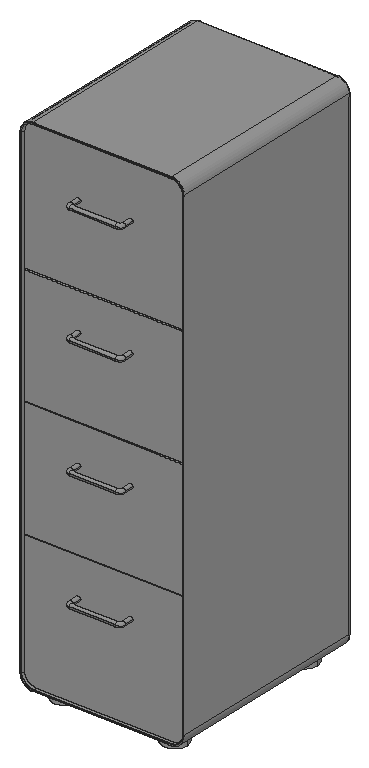
Revit family "Stow, Tall Boy", category Furniture, Revit 2017
Family settings
  OmniClass Number = 23.40.20.00
  OmniClass Title = General Furniture and Specialties
  Work Plane-Based = No
  Always vertical = Yes
  Cut with Voids When Loaded = No
  Shared = No
  Room Calculation Point = No
Parameters
  URL = "http://www.poppin.com"
  Manufacturer = "Poppin, Inc."
  Glides = Glides
  Front Panels + Handles = Front Panels + Handles
  Description = "Stow Tall Boy"
  Copyright = "Copyright © Poppin, Inc."
  Cabinet Body = Cabinet Body
Reference planes (in)
  plane 1 "Center Front/Back": y = 0
  plane 2: z = 0
  plane 3 "Center Left/Right": x = 0
Forms (in)
  Extrusion 1, solid, material "Front Panels + Handles" <- "Front Panels + Handles"
    sketch origin (0, -9.84252, 0) x (1, 0, 0) y (0, 0, 1)
      loop
        line (6.70013, 49.85531) -> (-6.69357, 49.85531)
        arc (-6.69357, 49.85531) -> (-7.35892, 49.57972) -> (-7.63452, 48.91437) r 0.94094
        line (-7.63452, 48.91437) -> (-7.63452, 37.05118) -> (7.64107, 37.05118) -> (7.64107, 48.91437)
        arc (7.64107, 48.91437) -> (7.36548, 49.57972) -> (6.70013, 49.85531) r 0.94094
      loop
        line (-7.65735, 36.93307) -> (-7.65735, 25.58465) -> (7.65761, 25.58465) -> (7.65761, 36.93307) -> (-7.65735, 36.93307)
      loop
        line (-7.65735, 25.46654) -> (-7.65735, 14.11811) -> (7.65761, 14.11811) -> (7.65761, 25.46654) -> (-7.65735, 25.46654)
      loop
        arc (-7.62612, 14) -> (-7.6469, 13.99217) -> (-7.65735, 13.97257) r 0.0315
        line (-7.65735, 13.97257) -> (-7.65735, 2.22047)
        arc (-7.65735, 2.22047) -> (-7.35984, 1.50223) -> (-6.6416, 1.20472) r 1.01575
        line (-6.6416, 1.20472) -> (6.64186, 1.20472)
        arc (6.64186, 1.20472) -> (7.36011, 1.50223) -> (7.65761, 2.22047) r 1.01575
        line (7.65761, 2.22047) -> (7.65761, 13.9685)
        arc (7.65761, 13.9685) -> (7.64839, 13.99078) -> (7.62612, 14) r 0.0315
        line (7.62612, 14) -> (-7.62612, 14)
    from 9.08645 to 9.84252
  Sweep 2, solid, material "Cabinet Body" <- "Cabinet Body"
    path origin (0, 169.46858, 0) x (1, 0, 0) y (0, 0, 1)
      loop
        line (6.69291, 50.08268) -> (-6.69291, 50.08268)
        arc (-6.69291, 50.08268) -> (-7.52808, 49.73674) -> (-7.87402, 48.90157) r 1.1811
        line (-7.87402, 48.90157) -> (-7.87402, 2.20866)
        arc (-7.87402, 2.20866) -> (-7.52808, 1.3735) -> (-6.69291, 1.02756) r 1.1811
        line (-6.69291, 1.02756) -> (6.69291, 1.02756)
        arc (6.69291, 1.02756) -> (7.52808, 1.3735) -> (7.87402, 2.20866) r 1.1811
        line (7.87402, 2.20866) -> (7.87402, 48.90157)
        arc (7.87402, 48.90157) -> (7.52808, 49.73674) -> (6.69291, 50.08268) r 1.1811
    profile origin (0, 169.46858, 50.08268) x (0, 0, -1) y (0, -1, 0)
      loop
        line (0, 189.43709) -> (0, 169.50008)
        arc (0, 169.50008) -> (0.00922, 169.47781) -> (0.0315, 169.46858) r 0.0315
        line (0.0315, 169.46858) -> (0.07087, 169.46858)
        arc (0.07087, 169.46858) -> (0.09314, 169.47781) -> (0.10236, 169.50008) r 0.0315
        line (0.10236, 169.50008) -> (0.10236, 189.43709)
        arc (0.10236, 189.43709) -> (0.09314, 189.45936) -> (0.07087, 189.46858) r 0.0315
        line (0.07087, 189.46858) -> (0.0315, 189.46858)
        arc (0.0315, 189.46858) -> (0.00922, 189.45936) -> (0, 189.43709) r 0.0315
  Extrusion 3, solid, material "Cabinet Body" <- "Cabinet Body"
    sketch origin (0, 0, 0) x (1, 0, 0) y (0, 0, 1)
      loop
        arc (-7.77165, 2.20866) -> (-7.4557, 1.44588) -> (-6.69291, 1.12992) r 1.07874
        line (-6.69291, 1.12992) -> (6.69291, 1.12992)
        arc (6.69291, 1.12992) -> (7.4557, 1.44588) -> (7.77165, 2.20866) r 1.07874
        line (7.77165, 2.20866) -> (7.77165, 48.90157)
        arc (7.77165, 48.90157) -> (7.4557, 49.66436) -> (6.69291, 49.98031) r 1.07874
        line (6.69291, 49.98031) -> (-6.69291, 49.98031)
        arc (-6.69291, 49.98031) -> (-7.4557, 49.66436) -> (-7.77165, 48.90157) r 1.07874
        line (-7.77165, 48.90157) -> (-7.77165, 2.20866)
    from 0.31496 to 0.90551
  Sweep 4, solid, material "Front Panels + Handles" <- "Front Panels + Handles"
    path origin (0, 0, 10.2979) x (1, 0, 0) y (0, 1, 0)
      loop
        line (-2.31978, -19.68504) -> (-2.31978, -20.58903)
        arc (-2.31978, -20.58903) -> (-2.29601, -20.64641) -> (-2.23863, -20.67018) r 0.08115
        line (-2.23863, -20.67018) -> (2.22896, -20.67018)
        arc (2.22896, -20.67018) -> (2.2865, -20.64634) -> (2.31034, -20.5888) r 0.08137
        line (2.31034, -20.5888) -> (2.31034, -19.68504)
    profile origin (-2.31978, -20.13703, 10.2979) x (1, 0, 0) y (0, 0, 1)
      loop
        circle (-0.20472, 0) r 0.20472
  Sweep 5, solid, material "Front Panels + Handles" <- "Front Panels + Handles"
    path origin (0, 0, 21.77989) x (1, 0, 0) y (0, 1, 0)
      loop
        line (-2.31978, -19.68504) -> (-2.31978, -20.58903)
        arc (-2.31978, -20.58903) -> (-2.29601, -20.64641) -> (-2.23863, -20.67018) r 0.08115
        line (-2.23863, -20.67018) -> (2.22896, -20.67018)
        arc (2.22896, -20.67018) -> (2.2865, -20.64634) -> (2.31034, -20.5888) r 0.08137
        line (2.31034, -20.5888) -> (2.31034, -19.68504)
    profile origin (-2.31978, -20.13703, 21.77989) x (1, 0, 0) y (0, 0, 1)
      loop
        circle (-0.20472, 0) r 0.20472
  Sweep 6, solid, material "Front Panels + Handles" <- "Front Panels + Handles"
    path origin (0, 0, 44.69706) x (0, -1, 0) y (1, 0, 0)
      loop
        line (19.68504, -2.31978) -> (20.58903, -2.31978)
        arc (20.58903, -2.31978) -> (20.64641, -2.29601) -> (20.67018, -2.23863) r 0.08115
        line (20.67018, -2.23863) -> (20.67018, 2.22896)
        arc (20.67018, 2.22896) -> (20.64634, 2.2865) -> (20.5888, 2.31034) r 0.08137
        line (20.5888, 2.31034) -> (19.68504, 2.31034)
    profile origin (-2.31978, -20.13703, 44.69706) x (1, 0, 0) y (0, 0, 1)
      loop
        circle (-0.20472, 0) r 0.20472
  Sweep 7, solid, material "Front Panels + Handles" <- "Front Panels + Handles"
    path origin (0, 0, 33.24889) x (0, -1, 0) y (1, 0, 0)
      loop
        line (19.68504, -2.31978) -> (20.58903, -2.31978)
        arc (20.58903, -2.31978) -> (20.64641, -2.29601) -> (20.67018, -2.23863) r 0.08115
        line (20.67018, -2.23863) -> (20.67018, 2.22896)
        arc (20.67018, 2.22896) -> (20.64634, 2.2865) -> (20.5888, 2.31034) r 0.08137
        line (20.5888, 2.31034) -> (19.68504, 2.31034)
    profile origin (-2.31978, -20.13703, 33.24889) x (1, 0, 0) y (0, 0, 1)
      loop
        circle (-0.20472, 0) r 0.20472
  Extrusion 8, solid, material "Glides" <- "Glides"
    sketch origin (0, 0, 0) x (1, 0, 0) y (0, 1, 0)
      loop
        circle (-5.31328, -2.16474) r 1.20079
    from 0 to 0.66929
  Extrusion 9, solid, material "Glides" <- "Glides"
    sketch origin (0, 0, 0) x (1, 0, 0) y (0, 1, 0)
      loop
        circle (-5.31328, -2.16474) r 0.19685
    from 0.66929 to 0.74803
  Extrusion 10, solid, material "Glides" <- "Glides"
    sketch origin (0, 0, 0) x (1, 0, 0) y (0, 1, 0)
      loop
        line (-5.47243, -1.891) -> (-5.63154, -2.16659) -> (-5.47243, -2.44218) -> (-5.15421, -2.44218) -> (-4.99509, -2.16659) -> (-5.15421, -1.891) -> (-5.47243, -1.891)
    from 0.74803 to 0.94488
  Extrusion 11, solid, material "Glides" <- "Glides"
    sketch origin (0, 0, 0) x (1, 0, 0) y (0, 1, 0)
      loop
        line (-5.80544, -1.96974) -> (-5.80544, -2.36344)
        arc (-5.80544, -2.36344) -> (-5.74779, -2.50264) -> (-5.60859, -2.56029) r 0.19685
        line (-5.60859, -2.56029) -> (-5.01804, -2.56029)
        arc (-5.01804, -2.56029) -> (-4.87885, -2.50264) -> (-4.82119, -2.36344) r 0.19685
        line (-4.82119, -2.36344) -> (-4.82119, -1.96974)
        arc (-4.82119, -1.96974) -> (-4.87885, -1.83055) -> (-5.01804, -1.77289) r 0.19685
        line (-5.01804, -1.77289) -> (-5.60859, -1.77289)
        arc (-5.60859, -1.77289) -> (-5.74779, -1.83055) -> (-5.80544, -1.96974) r 0.19685
    from 0.94488 to 1.02362
  Extrusion 12, solid, material "Glides" <- "Glides"
    sketch origin (0, 0, 0) x (-1, 0, 0) y (0, -1, 0)
      loop
        circle (-5.31328, 2.16474) r 1.20079
    from 0 to 0.66929
  Extrusion 13, solid, material "Glides" <- "Glides"
    sketch origin (0, 0, 0) x (-1, 0, 0) y (0, -1, 0)
      loop
        circle (-5.31328, 2.16474) r 0.19685
    from 0.66929 to 0.74803
  Extrusion 14, solid, material "Glides" <- "Glides"
    sketch origin (0, 0, 0) x (-1, 0, 0) y (0, -1, 0)
      loop
        line (-5.47243, 1.891) -> (-5.15421, 1.891) -> (-4.99509, 2.16659) -> (-5.15421, 2.44218) -> (-5.47243, 2.44218) -> (-5.63154, 2.16659) -> (-5.47243, 1.891)
    from 0.74803 to 0.94488
  Extrusion 15, solid, material "Glides" <- "Glides"
    sketch origin (0, 0, 0) x (-1, 0, 0) y (0, -1, 0)
      loop
        arc (-5.80544, 1.96974) -> (-5.74779, 1.83055) -> (-5.60859, 1.77289) r 0.19685
        line (-5.60859, 1.77289) -> (-5.01804, 1.77289)
        arc (-5.01804, 1.77289) -> (-4.87885, 1.83055) -> (-4.82119, 1.96974) r 0.19685
        line (-4.82119, 1.96974) -> (-4.82119, 2.36344)
        arc (-4.82119, 2.36344) -> (-4.87885, 2.50264) -> (-5.01804, 2.56029) r 0.19685
        line (-5.01804, 2.56029) -> (-5.60859, 2.56029)
        arc (-5.60859, 2.56029) -> (-5.74779, 2.50264) -> (-5.80544, 2.36344) r 0.19685
        line (-5.80544, 2.36344) -> (-5.80544, 1.96974)
    from 0.94488 to 1.02362
  Extrusion 16, solid, material "Glides" <- "Glides"
    sketch origin (0, -20, 0) x (1, 0, 0) y (0, 1, 0)
      loop
        circle (-5.31328, 2.16474) r 1.20079
    from 0 to 0.66929
  Extrusion 17, solid, material "Glides" <- "Glides"
    sketch origin (0, -20, 0) x (1, 0, 0) y (0, 1, 0)
      loop
        circle (-5.31328, 2.16474) r 0.19685
    from 0.66929 to 0.74803
  Extrusion 18, solid, material "Glides" <- "Glides"
    sketch origin (0, -20, 0) x (1, 0, 0) y (0, 1, 0)
      loop
        line (-5.47243, 1.891) -> (-5.15421, 1.891) -> (-4.99509, 2.16659) -> (-5.15421, 2.44218) -> (-5.47243, 2.44218) -> (-5.63154, 2.16659) -> (-5.47243, 1.891)
    from 0.74803 to 0.94488
  Extrusion 19, solid, material "Glides" <- "Glides"
    sketch origin (0, -20, 0) x (1, 0, 0) y (0, 1, 0)
      loop
        arc (-5.80544, 1.96974) -> (-5.74779, 1.83055) -> (-5.60859, 1.77289) r 0.19685
        line (-5.60859, 1.77289) -> (-5.01804, 1.77289)
        arc (-5.01804, 1.77289) -> (-4.87885, 1.83055) -> (-4.82119, 1.96974) r 0.19685
        line (-4.82119, 1.96974) -> (-4.82119, 2.36344)
        arc (-4.82119, 2.36344) -> (-4.87885, 2.50264) -> (-5.01804, 2.56029) r 0.19685
        line (-5.01804, 2.56029) -> (-5.60859, 2.56029)
        arc (-5.60859, 2.56029) -> (-5.74779, 2.50264) -> (-5.80544, 2.36344) r 0.19685
        line (-5.80544, 2.36344) -> (-5.80544, 1.96974)
    from 0.94488 to 1.02362
  Extrusion 20, solid, material "Glides" <- "Glides"
    sketch origin (0, -20, 0) x (-1, 0, 0) y (0, -1, 0)
      loop
        circle (-5.31328, -2.16474) r 1.20079
    from 0 to 0.66929
  Extrusion 21, solid, material "Glides" <- "Glides"
    sketch origin (0, -20, 0) x (-1, 0, 0) y (0, -1, 0)
      loop
        circle (-5.31328, -2.16474) r 0.19685
    from 0.66929 to 0.74803
  Extrusion 22, solid, material "Glides" <- "Glides"
    sketch origin (0, -20, 0) x (-1, 0, 0) y (0, -1, 0)
      loop
        line (-5.47243, -1.891) -> (-5.63154, -2.16659) -> (-5.47243, -2.44218) -> (-5.15421, -2.44218) -> (-4.99509, -2.16659) -> (-5.15421, -1.891) -> (-5.47243, -1.891)
    from 0.74803 to 0.94488
  Extrusion 23, solid, material "Glides" <- "Glides"
    sketch origin (0, -20, 0) x (-1, 0, 0) y (0, -1, 0)
      loop
        line (-5.80544, -1.96974) -> (-5.80544, -2.36344)
        arc (-5.80544, -2.36344) -> (-5.74779, -2.50264) -> (-5.60859, -2.56029) r 0.19685
        line (-5.60859, -2.56029) -> (-5.01804, -2.56029)
        arc (-5.01804, -2.56029) -> (-4.87885, -2.50264) -> (-4.82119, -2.36344) r 0.19685
        line (-4.82119, -2.36344) -> (-4.82119, -1.96974)
        arc (-4.82119, -1.96974) -> (-4.87885, -1.83055) -> (-5.01804, -1.77289) r 0.19685
        line (-5.01804, -1.77289) -> (-5.60859, -1.77289)
        arc (-5.60859, -1.77289) -> (-5.74779, -1.83055) -> (-5.80544, -1.96974) r 0.19685
    from 0.94488 to 1.02362
Dimensions and locks (in)
  aligned and locked: level to plane 2
